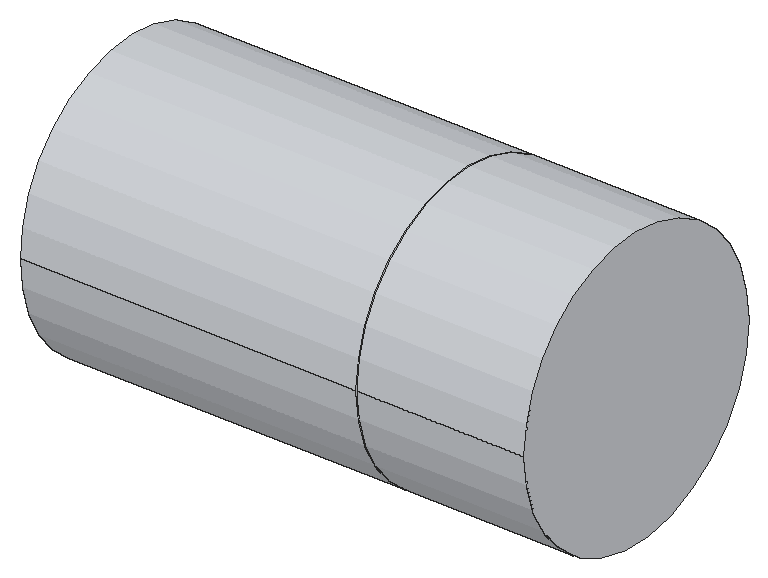
Revit family "M_Round Takeoff - DTL", category Duct Fittings, Revit 2014
Parameters (values of type "Standard")
  built-in parameter 1114214 [instance] = 300 mm
  built-in parameter 1114213 [instance] = 150 mm
  built-in parameter 1114215 [instance] = if(Diameter > 400 mm, Diameter * 0.25, 100 mm)  # 0.32808 (stored number, unit not read)
  Diameter [instance] = Radius * 2  # 250 mm
  Radius [instance] = 125 mm
  Assembly Code = ""
Reference planes
  plane 1 "Center (Front/Back)": y = 0
  plane 2: z = 0
  plane 3 "Center (Left/Right)": x = 0
  plane 4: x = -300
  plane 5: x = 150
Forms (mm)
  Sweep 1, solid, detail levels medium+fine
    path in 3D
      loop
        line (-300, 0, 0) -> (0, 0, 0)
    profile origin (-150, 0, 0) x (0, 1, 0) y (0, 0, 1)
      loop
        circle (0, 0) r 125
  Sweep 2, solid, detail levels medium+fine
    path in 3D
      loop
        line (0, 0, 0) -> (150, 0, 0)
    profile origin (75, 0, 0) x (0, 1, 0) y (0, 0, 1)
      loop
        circle (0, 0) r 125
Lines and regions (mm)
  reference lines
    curve 1: line (-300, 0, 0) -> (0, 0, 0)
  model lines, not visible, detail levels coarse
    curve 2: line (0, 0, 0) -> (150, 0, 0)
  sketch lines
    curve 3: line (-300, 0, 0) -> (0, 0, 0)
    curve 4: line (0, 0, 0) -> (150, 0, 0)
Dimensions and locks
  "built-in parameter 1114214": plane 4 to plane 3 "Center (Left/Right)"
  "built-in parameter 1114213": plane 3 "Center (Left/Right)" to plane 5
  "Radius": radius of Sweep 1 sketch curve
  "Radius": radius of Sweep 2 sketch curve
  aligned and locked: plane 4 to curve 1
  aligned and locked: plane 1 "Center (Front/Back)" to curve 1
  aligned and locked: plane 3 "Center (Left/Right)" to curve 2
  aligned and locked: plane 5 to curve 2
  aligned and locked: plane 1 "Center (Front/Back)" to curve 2
  aligned and locked: plane 2 to Sweep 1 sketch curve
  aligned and locked: profile plane to plane 1 "Center (Front/Back)"  (x2)
  aligned and locked: plane 2 to Sweep 2 sketch curve
Automatic sketch dimensions
  curve 1 to plane 3 "Center (Left/Right)" = 0 mm
  Sweep 1 sketch curve to profile plane = 0 mm
  Sweep 2 sketch curve to profile plane = 0 mm
Connectors
  hvac at (0, 0, 0), driven by "Radius"
    settings: on Sweep 2, index 1, duct flow 0.0 L/s, flow factor 0, pres drop 0.0 Pa, loss coef 0, conn angle 0.00°, conn width 304.8 mm, conn height 304.8 mm, conn diameter 250 mm, duct sys type 28, conn prof type 0, flow config 0, flow direction 0, loss method 0, conn ref index 2, conn util no, is conn primary yes, conn desc ""
  hvac at (150, 0, 0), driven by "Radius"
    settings: on Sweep 2, index 2, duct flow 0.0 L/s, flow factor 0, pres drop 0.0 Pa, loss coef 0, conn angle 0.00°, conn width 304.8 mm, conn height 304.8 mm, conn diameter 250 mm, duct sys type 28, conn prof type 0, flow config 0, flow direction 0, loss method 0, conn ref index 1, conn util no, is conn primary no, conn desc ""
